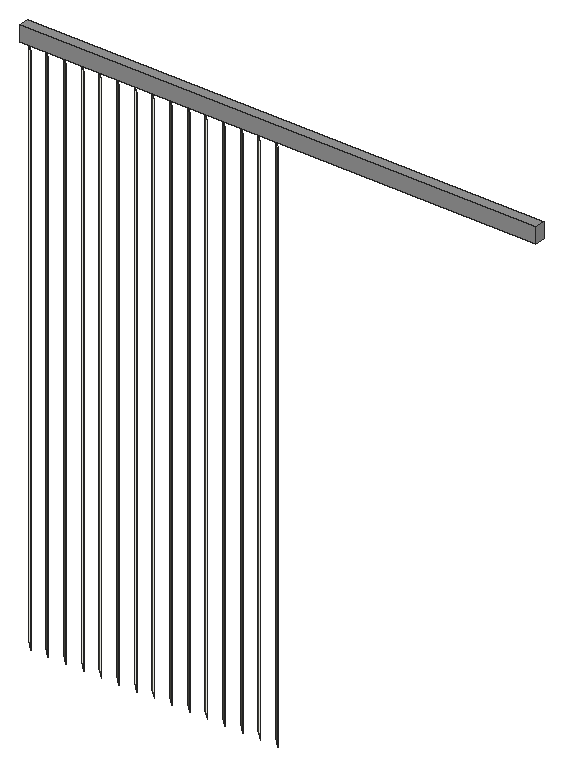
Revit family "Vertical Blinds", category Generic Models, Revit 2013
Parameters (values of type "Type 2")
  Total Rail Length = 8' - 4"
  Total Blind Height = 9' - 0"
  Top of Stripes to Bottom of Rail = 0' - 1"
  Stripes Length = 4' - 0"
  Stripe Material = Fabric - Curtain
  Stripe Angle = 45.00°
  Stripe Depth = 0' - 0 1/8"
  Stripe Width = 0' - 3"
  SLO = if(not(Stripes Length > SLC), Stripes Length, SLC)  # 4' - 0"
  SLC = Total Rail Length - (Stripe Width * cos(Stripe Angle))  # 8' - 1.87868"
  Rail Width = 0' - 2"
  Rail Position = (Stripe Width * sin(Stripe Angle)) / 2  # 0' - 1.06066"
  Rail Material = Steel, Galvanized
  Rail Height = 0' - 3"
  Default Elevation = 4' - 0"
Types (3): name | Total Rail Length | Total Blind Height | Top of Stripes to Bottom of Rail | Stripes Length | Stripe Material | Stripe Depth | Stripe Width | SLO | SLC | Rail Width | Rail Position | Rail Material | Rail Height
  Type 1 | 18' - 2.83792" | 9' - 3" | 0' - 3" | 17' - 10.59528" | none | 0' - 0 1/2" | 0' - 6" | 17' - 10.59528" | 17' - 10.59528" | 0' - 2.06699" | 0' - 2.12132" | none | 0' - 5.26717"
  Type 2 | 8' - 4" | 9' - 0" | 0' - 1" | 4' - 0" | Fabric - Curtain | 0' - 0 1/8" | 0' - 3" | 4' - 0" | 8' - 1.87868" | 0' - 2" | 0' - 1.06066" | Steel, Galvanized | 0' - 3"
  Type 3 | 10' - 11" | 7' - 5" | 0' - 1" | 4' - 0" | Fabric - Curtain | 0' - 0 1/8" | 0' - 3" | 4' - 0" | 10' - 8.87868" | 0' - 2" | 0' - 1.06066" | Steel, Galvanized | 0' - 3"
Reference planes (in)
  plane 1 "Center (Front/Back)": y = 0
  plane 2: z = 0
  plane 3 "Center (Left/Right)": x = 0
  plane 4 "Rail Axis": y = 1.06066
  plane 5 "Stripes Height": z = 104
  plane 6 "Base of Rail": z = 105
  plane 7 "Rail Total Length": x = -100
  plane 8 "Riling Height": z = 108
Forms (in)
  Extrusion 1, solid, material "Fabric - Curtain" <- "Stripe Material"
    sketch origin (0, 0, 0) x (1, 0, 0) y (0, 1, 0)
      loop
        line (-51.91161, 2.20971) -> (-52, 2.12132) -> (-49.87868, 0) -> (-49.79029, 0.08839) -> (-51.91161, 2.20971)
    from 0 to 104
  Extrusion 2, solid, material "Steel, Galvanized" <- "Rail Material"
    sketch origin (0, 0, 105) x (0, -1, 0) y (1, 0, 0)
      loop
        line (-2.06066, 0) -> (-2.06066, -100) -> (-0.06066, -100) -> (-0.06066, 0) -> (-2.06066, 0)
    from 0 to 3
  Extrusion 3, solid, material "Fabric - Curtain" <- "Stripe Material"
    sketch origin (-11.5, 0, 0) x (1, 0, 0) y (0, 1, 0)
      loop
        line (-43.84018, 2.20971) -> (-43.92857, 2.12132) -> (-41.80725, 0) -> (-41.71886, 0.08839) -> (-43.84018, 2.20971)
    from 0 to 104
  Extrusion 4, solid, material "Fabric - Curtain" <- "Stripe Material"
    sketch origin (-23, 0, 0) x (1, 0, 0) y (0, 1, 0)
      loop
        line (-35.76875, 2.20971) -> (-35.85714, 2.12132) -> (-33.73582, 0) -> (-33.64743, 0.08839) -> (-35.76875, 2.20971)
    from 0 to 104
  Extrusion 5, solid, material "Fabric - Curtain" <- "Stripe Material"
    sketch origin (-34.5, 0, 0) x (1, 0, 0) y (0, 1, 0)
      loop
        line (-27.69733, 2.20971) -> (-27.78571, 2.12132) -> (-25.66439, 0) -> (-25.57601, 0.08839) -> (-27.69733, 2.20971)
    from 0 to 104
  Extrusion 6, solid, material "Fabric - Curtain" <- "Stripe Material"
    sketch origin (-57.5, 0, 0) x (1, 0, 0) y (0, 1, 0)
      loop
        line (-11.55447, 2.20971) -> (-11.64286, 2.12132) -> (-9.52154, 0) -> (-9.43315, 0.08839) -> (-11.55447, 2.20971)
    from 0 to 104
  Extrusion 7, solid, material "Fabric - Curtain" <- "Stripe Material"
    sketch origin (-69, 0, 0) x (1, 0, 0) y (0, 1, 0)
      loop
        line (-3.48304, 2.20971) -> (-3.57143, 2.12132) -> (-1.45011, 0) -> (-1.36172, 0.08839) -> (-3.48304, 2.20971)
    from 0 to 104
  Extrusion 8, solid, material "Fabric - Curtain" <- "Stripe Material"
    sketch origin (-80.5, 0, 0) x (1, 0, 0) y (0, 1, 0)
      loop
        line (4.58839, 2.20971) -> (4.5, 2.12132) -> (6.62132, 0) -> (6.70971, 0.08839) -> (4.58839, 2.20971)
    from 0 to 104
  Extrusion 9, solid, material "Fabric - Curtain" <- "Stripe Material"
    sketch origin (-92, 0, 0) x (1, 0, 0) y (0, 1, 0)
      loop
        line (12.65982, 2.20971) -> (12.57143, 2.12132) -> (14.69275, 0) -> (14.78114, 0.08839) -> (12.65982, 2.20971)
    from 0 to 104
  Extrusion 10, solid, material "Fabric - Curtain" <- "Stripe Material"
    sketch origin (-46, 0, 0) x (1, 0, 0) y (0, 1, 0)
      loop
        line (-19.6259, 2.20971) -> (-19.71429, 2.12132) -> (-17.59297, 0) -> (-17.50458, 0.08839) -> (-19.6259, 2.20971)
    from 0 to 104
  Extrusion 11, solid, material "Fabric - Curtain" <- "Stripe Material"
    sketch origin (-103.5, 0, 0) x (1, 0, 0) y (0, 1, 0)
      loop
        line (20.73125, 2.20971) -> (20.64286, 2.12132) -> (22.76418, 0) -> (22.85257, 0.08839) -> (20.73125, 2.20971)
    from 0 to 104
  Extrusion 12, solid, material "Fabric - Curtain" <- "Stripe Material"
    sketch origin (-115, 0, 0) x (1, 0, 0) y (0, 1, 0)
      loop
        line (28.80267, 2.20971) -> (28.71429, 2.12132) -> (30.83561, 0) -> (30.92399, 0.08839) -> (28.80267, 2.20971)
    from 0 to 104
  Extrusion 13, solid, material "Fabric - Curtain" <- "Stripe Material"
    sketch origin (-126.5, 0, 0) x (1, 0, 0) y (0, 1, 0)
      loop
        line (36.8741, 2.20971) -> (36.78571, 2.12132) -> (38.90703, 0) -> (38.99542, 0.08839) -> (36.8741, 2.20971)
    from 0 to 104
  Extrusion 14, solid, material "Fabric - Curtain" <- "Stripe Material"
    sketch origin (-138, 0, 0) x (1, 0, 0) y (0, 1, 0)
      loop
        line (44.94553, 2.20971) -> (44.85714, 2.12132) -> (46.97846, 0) -> (47.06685, 0.08839) -> (44.94553, 2.20971)
    from 0 to 104
  Extrusion 15, solid, material "Fabric - Curtain" <- "Stripe Material"
    sketch origin (-149.5, 0, 0) x (1, 0, 0) y (0, 1, 0)
      loop
        line (53.01696, 2.20971) -> (52.92857, 2.12132) -> (55.04989, 0) -> (55.13828, 0.08839) -> (53.01696, 2.20971)
    from 0 to 104
  Extrusion 16, solid, material "Fabric - Curtain" <- "Stripe Material"
    sketch origin (-161, 0, 0) x (1, 0, 0) y (0, 1, 0)
      loop
        line (61.08839, 2.20971) -> (61, 2.12132) -> (63.12132, 0) -> (63.20971, 0.08839) -> (61.08839, 2.20971)
    from 0 to 104
Lines and regions (in)
  reference lines
    curve 1: line (-49.87868, 0, 0) -> (-52, 2.12132, 0)
    curve 2: line (-52, 2.12132, 0) -> (-51.91161, 2.20971, 0)
    curve 3: line (-51.91161, 2.20971, 0) -> (-49.79029, 0.08839, 0)
    curve 4: line (-49.79029, 0.08839, 0) -> (-49.87868, 0, 0)
    curve 9: line (0, 0.06066, 105) -> (-100, 0.06066, 105)
    curve 10: line (0, 2.06066, 105) -> (-100, 2.06066, 105)
    curve 11: line (-100, 0.06066, 105) -> (-100, 2.06066, 105)
    curve 12: line (0, 2.06066, 105) -> (0, 0.06066, 105)
    curve 17: line (-53.30725, 0, 0) -> (-55.42857, 2.12132, 0)
    curve 18: line (-55.42857, 2.12132, 0) -> (-55.34018, 2.20971, 0)
    curve 19: line (-55.34018, 2.20971, 0) -> (-53.21886, 0.08839, 0)
    curve 20: line (-53.21886, 0.08839, 0) -> (-53.30725, 0, 0)
    curve 25: line (-56.73582, 0, 0) -> (-58.85714, 2.12132, 0)
    curve 26: line (-58.85714, 2.12132, 0) -> (-58.76875, 2.20971, 0)
    curve 27: line (-58.76875, 2.20971, 0) -> (-56.64743, 0.08839, 0)
    curve 28: line (-56.64743, 0.08839, 0) -> (-56.73582, 0, 0)
    curve 33: line (-60.16439, 0, 0) -> (-62.28571, 2.12132, 0)
    curve 34: line (-62.28571, 2.12132, 0) -> (-62.19733, 2.20971, 0)
    curve 35: line (-62.19733, 2.20971, 0) -> (-60.07601, 0.08839, 0)
    curve 36: line (-60.07601, 0.08839, 0) -> (-60.16439, 0, 0)
    curve 41: line (-67.02154, 0, 0) -> (-69.14286, 2.12132, 0)
    curve 42: line (-69.14286, 2.12132, 0) -> (-69.05447, 2.20971, 0)
    curve 43: line (-69.05447, 2.20971, 0) -> (-66.93315, 0.08839, 0)
    curve 44: line (-66.93315, 0.08839, 0) -> (-67.02154, 0, 0)
    curve 49: line (-70.45011, 0, 0) -> (-72.57143, 2.12132, 0)
    curve 50: line (-72.57143, 2.12132, 0) -> (-72.48304, 2.20971, 0)
    curve 51: line (-72.48304, 2.20971, 0) -> (-70.36172, 0.08839, 0)
    curve 52: line (-70.36172, 0.08839, 0) -> (-70.45011, 0, 0)
    curve 57: line (-73.87868, 0, 0) -> (-76, 2.12132, 0)
    curve 58: line (-76, 2.12132, 0) -> (-75.91161, 2.20971, 0)
    curve 59: line (-75.91161, 2.20971, 0) -> (-73.79029, 0.08839, 0)
    curve 60: line (-73.79029, 0.08839, 0) -> (-73.87868, 0, 0)
    curve 65: line (-77.30725, 0, 0) -> (-79.42857, 2.12132, 0)
    curve 66: line (-79.42857, 2.12132, 0) -> (-79.34018, 2.20971, 0)
    curve 67: line (-79.34018, 2.20971, 0) -> (-77.21886, 0.08839, 0)
    curve 68: line (-77.21886, 0.08839, 0) -> (-77.30725, 0, 0)
    curve 73: line (-63.59297, 0, 0) -> (-65.71429, 2.12132, 0)
    curve 74: line (-65.71429, 2.12132, 0) -> (-65.6259, 2.20971, 0)
    curve 75: line (-65.6259, 2.20971, 0) -> (-63.50458, 0.08839, 0)
    curve 76: line (-63.50458, 0.08839, 0) -> (-63.59297, 0, 0)
    curve 81: line (-80.73582, 0, 0) -> (-82.85714, 2.12132, 0)
    curve 82: line (-82.85714, 2.12132, 0) -> (-82.76875, 2.20971, 0)
    curve 83: line (-82.76875, 2.20971, 0) -> (-80.64743, 0.08839, 0)
    curve 84: line (-80.64743, 0.08839, 0) -> (-80.73582, 0, 0)
    curve 89: line (-84.16439, 0, 0) -> (-86.28571, 2.12132, 0)
    curve 90: line (-86.28571, 2.12132, 0) -> (-86.19733, 2.20971, 0)
    curve 91: line (-86.19733, 2.20971, 0) -> (-84.07601, 0.08839, 0)
    curve 92: line (-84.07601, 0.08839, 0) -> (-84.16439, 0, 0)
    curve 97: line (-87.59297, 0, 0) -> (-89.71429, 2.12132, 0)
    curve 98: line (-89.71429, 2.12132, 0) -> (-89.6259, 2.20971, 0)
    curve 99: line (-89.6259, 2.20971, 0) -> (-87.50458, 0.08839, 0)
    curve 100: line (-87.50458, 0.08839, 0) -> (-87.59297, 0, 0)
    curve 105: line (-91.02154, 0, 0) -> (-93.14286, 2.12132, 0)
    curve 106: line (-93.14286, 2.12132, 0) -> (-93.05447, 2.20971, 0)
    curve 107: line (-93.05447, 2.20971, 0) -> (-90.93315, 0.08839, 0)
    curve 108: line (-90.93315, 0.08839, 0) -> (-91.02154, 0, 0)
    curve 113: line (-94.45011, 0, 0) -> (-96.57143, 2.12132, 0)
    curve 114: line (-96.57143, 2.12132, 0) -> (-96.48304, 2.20971, 0)
    curve 115: line (-96.48304, 2.20971, 0) -> (-94.36172, 0.08839, 0)
    curve 116: line (-94.36172, 0.08839, 0) -> (-94.45011, 0, 0)
    curve 121: line (-97.87868, 0, 0) -> (-100, 2.12132, 0)
    curve 122: line (-100, 2.12132, 0) -> (-99.91161, 2.20971, 0)
    curve 123: line (-99.91161, 2.20971, 0) -> (-97.79029, 0.08839, 0)
    curve 124: line (-97.79029, 0.08839, 0) -> (-97.87868, 0, 0)
  model lines, not visible
    curve 5: line (-51.91161, 2.20971, 0) -> (-49.79029, 0.08839, 0)
    curve 6: line (-49.79029, 0.08839, 0) -> (-49.87868, 0, 0)
    curve 7: line (-49.87868, 0, 0) -> (-52, 2.12132, 0)
    curve 8: line (-52, 2.12132, 0) -> (-51.91161, 2.20971, 0)
    curve 21: line (-55.34018, 2.20971, 0) -> (-53.21886, 0.08839, 0)
    curve 22: line (-53.21886, 0.08839, 0) -> (-53.30725, 0, 0)
    curve 23: line (-53.30725, 0, 0) -> (-55.42857, 2.12132, 0)
    curve 24: line (-55.42857, 2.12132, 0) -> (-55.34018, 2.20971, 0)
    curve 29: line (-58.76875, 2.20971, 0) -> (-56.64743, 0.08839, 0)
    curve 30: line (-56.64743, 0.08839, 0) -> (-56.73582, 0, 0)
    curve 31: line (-56.73582, 0, 0) -> (-58.85714, 2.12132, 0)
    curve 32: line (-58.85714, 2.12132, 0) -> (-58.76875, 2.20971, 0)
    curve 37: line (-62.19733, 2.20971, 0) -> (-60.07601, 0.08839, 0)
    curve 38: line (-60.07601, 0.08839, 0) -> (-60.16439, 0, 0)
    curve 39: line (-60.16439, 0, 0) -> (-62.28571, 2.12132, 0)
    curve 40: line (-62.28571, 2.12132, 0) -> (-62.19733, 2.20971, 0)
    curve 45: line (-69.05447, 2.20971, 0) -> (-66.93315, 0.08839, 0)
    curve 46: line (-66.93315, 0.08839, 0) -> (-67.02154, 0, 0)
    curve 47: line (-67.02154, 0, 0) -> (-69.14286, 2.12132, 0)
    curve 48: line (-69.14286, 2.12132, 0) -> (-69.05447, 2.20971, 0)
    curve 53: line (-72.48304, 2.20971, 0) -> (-70.36172, 0.08839, 0)
    curve 54: line (-70.36172, 0.08839, 0) -> (-70.45011, 0, 0)
    curve 55: line (-70.45011, 0, 0) -> (-72.57143, 2.12132, 0)
    curve 56: line (-72.57143, 2.12132, 0) -> (-72.48304, 2.20971, 0)
    curve 61: line (-75.91161, 2.20971, 0) -> (-73.79029, 0.08839, 0)
    curve 62: line (-73.79029, 0.08839, 0) -> (-73.87868, 0, 0)
    curve 63: line (-73.87868, 0, 0) -> (-76, 2.12132, 0)
    curve 64: line (-76, 2.12132, 0) -> (-75.91161, 2.20971, 0)
    curve 69: line (-79.34018, 2.20971, 0) -> (-77.21886, 0.08839, 0)
    curve 70: line (-77.21886, 0.08839, 0) -> (-77.30725, 0, 0)
    curve 71: line (-77.30725, 0, 0) -> (-79.42857, 2.12132, 0)
    curve 72: line (-79.42857, 2.12132, 0) -> (-79.34018, 2.20971, 0)
    curve 77: line (-65.6259, 2.20971, 0) -> (-63.50458, 0.08839, 0)
    curve 78: line (-63.50458, 0.08839, 0) -> (-63.59297, 0, 0)
    curve 79: line (-63.59297, 0, 0) -> (-65.71429, 2.12132, 0)
    curve 80: line (-65.71429, 2.12132, 0) -> (-65.6259, 2.20971, 0)
    curve 85: line (-82.76875, 2.20971, 0) -> (-80.64743, 0.08839, 0)
    curve 86: line (-80.64743, 0.08839, 0) -> (-80.73582, 0, 0)
    curve 87: line (-80.73582, 0, 0) -> (-82.85714, 2.12132, 0)
    curve 88: line (-82.85714, 2.12132, 0) -> (-82.76875, 2.20971, 0)
    curve 93: line (-86.19733, 2.20971, 0) -> (-84.07601, 0.08839, 0)
    curve 94: line (-84.07601, 0.08839, 0) -> (-84.16439, 0, 0)
    curve 95: line (-84.16439, 0, 0) -> (-86.28571, 2.12132, 0)
    curve 96: line (-86.28571, 2.12132, 0) -> (-86.19733, 2.20971, 0)
    curve 101: line (-89.6259, 2.20971, 0) -> (-87.50458, 0.08839, 0)
    curve 102: line (-87.50458, 0.08839, 0) -> (-87.59297, 0, 0)
    curve 103: line (-87.59297, 0, 0) -> (-89.71429, 2.12132, 0)
    curve 104: line (-89.71429, 2.12132, 0) -> (-89.6259, 2.20971, 0)
    curve 109: line (-93.05447, 2.20971, 0) -> (-90.93315, 0.08839, 0)
    curve 110: line (-90.93315, 0.08839, 0) -> (-91.02154, 0, 0)
    curve 111: line (-91.02154, 0, 0) -> (-93.14286, 2.12132, 0)
    curve 112: line (-93.14286, 2.12132, 0) -> (-93.05447, 2.20971, 0)
    curve 117: line (-96.48304, 2.20971, 0) -> (-94.36172, 0.08839, 0)
    curve 118: line (-94.36172, 0.08839, 0) -> (-94.45011, 0, 0)
    curve 119: line (-94.45011, 0, 0) -> (-96.57143, 2.12132, 0)
    curve 120: line (-96.57143, 2.12132, 0) -> (-96.48304, 2.20971, 0)
    curve 125: line (-99.91161, 2.20971, 0) -> (-97.79029, 0.08839, 0)
    curve 126: line (-97.79029, 0.08839, 0) -> (-97.87868, 0, 0)
    curve 127: line (-97.87868, 0, 0) -> (-100, 2.12132, 0)
    curve 128: line (-100, 2.12132, 0) -> (-99.91161, 2.20971, 0)
  model lines
    curve 13: line (0, 2.06066, 105) -> (-100, 2.06066, 105)
    curve 14: line (0, 0.06066, 105) -> (-100, 0.06066, 105)
    curve 15: line (0, 2.06066, 105) -> (0, 0.06066, 105)
    curve 16: line (-100, 0.06066, 105) -> (-100, 2.06066, 105)
Dimensions and locks (in)
  "Stripe Width": curve 4 to curve 2
  "Stripe Depth": curve 3 to curve 1
  "Top of Stripes to Bottom of Rail": plane 6 "Base of Rail" to plane 5 "Stripes Height"
  equal spacing: curve 10, plane 4 "Rail Axis", curve 9
  "Rail Width": curve 14 to curve 13
  "Rail Width": curve 10 to curve 9
  "Stripe Width": curve 20 to curve 18
  "Stripe Depth": curve 19 to curve 17
  "Stripe Width": curve 28 to curve 26
  "Stripe Depth": curve 27 to curve 25
  "Stripe Width": curve 36 to curve 34
  "Stripe Depth": curve 35 to curve 33
  "Stripe Width": curve 44 to curve 42
  "Stripe Depth": curve 43 to curve 41
  "Stripe Width": curve 52 to curve 50
  "Stripe Depth": curve 51 to curve 49
  "Stripe Width": curve 60 to curve 58
  "Stripe Depth": curve 59 to curve 57
  "Stripe Width": curve 68 to curve 66
  "Stripe Depth": curve 67 to curve 65
  "Stripe Width": curve 76 to curve 74
  "Stripe Depth": curve 75 to curve 73
  "Stripe Width": curve 84 to curve 82
  "Stripe Depth": curve 83 to curve 81
  "Stripe Width": curve 92 to curve 90
  "Stripe Depth": curve 91 to curve 89
  "Stripe Width": curve 100 to curve 98
  "Stripe Depth": curve 99 to curve 97
  "Stripe Width": curve 108 to curve 106
  "Stripe Depth": curve 107 to curve 105
  "Stripe Width": curve 116 to curve 114
  "Stripe Depth": curve 115 to curve 113
  "Stripe Width": curve 124 to curve 122
  "Stripe Depth": curve 123 to curve 121
  equal spacing: curve 4, curve 20, curve 28, curve 36, curve 73, curve 41, curve 52, curve 60, curve 68, curve 84, curve 92, curve 100, curve 108, curve 116, curve 124
  "SLO": curve 4 to curve 121
  "Total Rail Length": plane 3 "Center (Left/Right)" to plane 7 "Rail Total Length"
  "Rail Height": plane 8 "Riling Height" to plane 6 "Base of Rail"
  "Total Blind Height": plane 8 "Riling Height" to level
  "Rail Position": plane 4 "Rail Axis" to plane 1 "Center (Front/Back)"
  "Stripe Angle": angle curve 1 to plane 1 "Center (Front/Back)"
  "Stripe Angle": angle curve 17 to plane 1 "Center (Front/Back)"
  "Stripe Angle": angle curve 25 to plane 1 "Center (Front/Back)"
  "Stripe Angle": angle curve 33 to plane 1 "Center (Front/Back)"
  "Stripe Angle": angle curve 41 to plane 1 "Center (Front/Back)"
  "Stripe Angle": angle curve 49 to plane 1 "Center (Front/Back)"
  "Stripe Angle": angle curve 57 to plane 1 "Center (Front/Back)"
  "Stripe Angle": angle curve 65 to plane 1 "Center (Front/Back)"
  "Stripe Angle": angle curve 73 to plane 1 "Center (Front/Back)"
  "Stripe Angle": angle curve 81 to plane 1 "Center (Front/Back)"
  "Stripe Angle": angle curve 89 to plane 1 "Center (Front/Back)"
  "Stripe Angle": angle curve 97 to plane 1 "Center (Front/Back)"
  "Stripe Angle": angle curve 105 to plane 1 "Center (Front/Back)"
  "Stripe Angle": angle curve 113 to plane 1 "Center (Front/Back)"
  "Stripe Angle": angle curve 121 to plane 1 "Center (Front/Back)"
  aligned and locked: plane 2 to level
  aligned and locked: curve 5 to curve 3
  aligned and locked: curve 6 to curve 4
  aligned and locked: curve 7 to curve 1
  aligned and locked: curve 8 to curve 2
  aligned and locked: Extrusion 1 sketch curve to curve 5
  aligned and locked: Extrusion 1 sketch curve to curve 6
  aligned and locked: Extrusion 1 sketch curve to curve 7
  aligned and locked: Extrusion 1 sketch curve to curve 8
  aligned and locked: Extrusion 1 to plane 5 "Stripes Height"
  aligned and locked: curve 14 to curve 9
  aligned and locked: curve 15 to curve 12
  aligned and locked: curve 16 to curve 11
  aligned and locked: Extrusion 2 sketch curve to curve 13
  aligned and locked: Extrusion 2 sketch curve to curve 14
  aligned and locked: Extrusion 2 sketch curve to curve 15
  aligned and locked: Extrusion 2 sketch curve to curve 16
  aligned and locked: curve 21 to curve 19
  aligned and locked: curve 22 to curve 20
  aligned and locked: curve 23 to curve 17
  aligned and locked: curve 24 to curve 18
  aligned and locked: Extrusion 3 sketch curve to curve 21
  aligned and locked: Extrusion 3 sketch curve to curve 22
  aligned and locked: Extrusion 3 sketch curve to curve 23
  aligned and locked: Extrusion 3 sketch curve to curve 24
  aligned and locked: curve 29 to curve 27
  aligned and locked: curve 30 to curve 28
  aligned and locked: curve 31 to curve 25
  aligned and locked: curve 32 to curve 26
  aligned and locked: Extrusion 4 sketch curve to curve 29
  aligned and locked: Extrusion 4 sketch curve to curve 30
  aligned and locked: Extrusion 4 sketch curve to curve 31
  aligned and locked: Extrusion 4 sketch curve to curve 32
  aligned and locked: curve 37 to curve 35
  aligned and locked: curve 38 to curve 36
  aligned and locked: curve 39 to curve 33
  aligned and locked: curve 40 to curve 34
  aligned and locked: Extrusion 5 sketch curve to curve 37
  aligned and locked: Extrusion 5 sketch curve to curve 38
  aligned and locked: Extrusion 5 sketch curve to curve 39
  aligned and locked: Extrusion 5 sketch curve to curve 40
  aligned and locked: curve 45 to curve 43
  aligned and locked: curve 46 to curve 44
  aligned and locked: curve 47 to curve 41
  aligned and locked: curve 48 to curve 42
  aligned and locked: Extrusion 6 sketch curve to curve 45
  aligned and locked: Extrusion 6 sketch curve to curve 46
  aligned and locked: Extrusion 6 sketch curve to curve 47
  aligned and locked: Extrusion 6 sketch curve to curve 48
  aligned and locked: curve 53 to curve 51
  aligned and locked: curve 54 to curve 52
  aligned and locked: curve 55 to curve 49
  aligned and locked: curve 56 to curve 50
  aligned and locked: Extrusion 7 sketch curve to curve 53
  aligned and locked: Extrusion 7 sketch curve to curve 54
  aligned and locked: Extrusion 7 sketch curve to curve 55
  aligned and locked: Extrusion 7 sketch curve to curve 56
  aligned and locked: curve 61 to curve 59
  aligned and locked: curve 62 to curve 60
  aligned and locked: curve 63 to curve 57
  aligned and locked: curve 64 to curve 58
  aligned and locked: Extrusion 8 sketch curve to curve 61
  aligned and locked: Extrusion 8 sketch curve to curve 62
  aligned and locked: Extrusion 8 sketch curve to curve 63
  aligned and locked: Extrusion 8 sketch curve to curve 64
  aligned and locked: curve 69 to curve 67
  aligned and locked: curve 70 to curve 68
  aligned and locked: curve 71 to curve 65
  aligned and locked: curve 72 to curve 66
  aligned and locked: Extrusion 9 sketch curve to curve 69
  aligned and locked: Extrusion 9 sketch curve to curve 70
  aligned and locked: Extrusion 9 sketch curve to curve 71
  aligned and locked: Extrusion 9 sketch curve to curve 72
  aligned and locked: curve 77 to curve 75
  aligned and locked: curve 78 to curve 76
  aligned and locked: curve 79 to curve 73
  aligned and locked: curve 80 to curve 74
  aligned and locked: Extrusion 10 sketch curve to curve 77
  aligned and locked: Extrusion 10 sketch curve to curve 78
  aligned and locked: Extrusion 10 sketch curve to curve 79
  aligned and locked: Extrusion 10 sketch curve to curve 80
  aligned and locked: curve 85 to curve 83
  aligned and locked: curve 86 to curve 84
  aligned and locked: curve 87 to curve 81
  aligned and locked: curve 88 to curve 82
  aligned and locked: Extrusion 11 sketch curve to curve 85
  aligned and locked: Extrusion 11 sketch curve to curve 86
  aligned and locked: Extrusion 11 sketch curve to curve 87
  aligned and locked: Extrusion 11 sketch curve to curve 88
  aligned and locked: curve 93 to curve 91
  aligned and locked: curve 94 to curve 92
  aligned and locked: curve 95 to curve 89
  aligned and locked: curve 96 to curve 90
  aligned and locked: Extrusion 12 sketch curve to curve 93
  aligned and locked: Extrusion 12 sketch curve to curve 94
  aligned and locked: Extrusion 12 sketch curve to curve 95
  aligned and locked: Extrusion 12 sketch curve to curve 96
  aligned and locked: curve 101 to curve 99
  aligned and locked: curve 102 to curve 100
  aligned and locked: curve 103 to curve 97
  aligned and locked: curve 104 to curve 98
  aligned and locked: Extrusion 13 sketch curve to curve 101
  aligned and locked: Extrusion 13 sketch curve to curve 102
  aligned and locked: Extrusion 13 sketch curve to curve 103
  aligned and locked: Extrusion 13 sketch curve to curve 104
  aligned and locked: curve 109 to curve 107
  aligned and locked: curve 110 to curve 108
  aligned and locked: curve 111 to curve 105
  aligned and locked: curve 112 to curve 106
  aligned and locked: Extrusion 14 sketch curve to curve 109
  aligned and locked: Extrusion 14 sketch curve to curve 110
  aligned and locked: Extrusion 14 sketch curve to curve 111
  aligned and locked: Extrusion 14 sketch curve to curve 112
  aligned and locked: curve 117 to curve 115
  aligned and locked: curve 118 to curve 116
  aligned and locked: curve 119 to curve 113
  aligned and locked: curve 120 to curve 114
  aligned and locked: Extrusion 15 sketch curve to curve 117
  aligned and locked: Extrusion 15 sketch curve to curve 118
  aligned and locked: Extrusion 15 sketch curve to curve 119
  aligned and locked: Extrusion 15 sketch curve to curve 120
  aligned and locked: curve 125 to curve 123
  aligned and locked: curve 126 to curve 124
  aligned and locked: curve 127 to curve 121
  aligned and locked: curve 128 to curve 122
  aligned and locked: Extrusion 16 sketch curve to curve 125
  aligned and locked: Extrusion 16 sketch curve to curve 126
  aligned and locked: Extrusion 16 sketch curve to curve 127
  aligned and locked: Extrusion 16 sketch curve to curve 128
  aligned and locked: Extrusion 16 to plane 5 "Stripes Height"
  aligned and locked: Extrusion 15 to plane 5 "Stripes Height"
  aligned and locked: Extrusion 14 to plane 5 "Stripes Height"
  aligned and locked: Extrusion 13 to plane 5 "Stripes Height"
  aligned and locked: Extrusion 12 to plane 5 "Stripes Height"
  aligned and locked: Extrusion 11 to plane 5 "Stripes Height"
  aligned and locked: Extrusion 9 to plane 5 "Stripes Height"
  aligned and locked: Extrusion 8 to plane 5 "Stripes Height"
  aligned and locked: Extrusion 7 to plane 5 "Stripes Height"
  aligned and locked: Extrusion 6 to plane 5 "Stripes Height"
  aligned and locked: Extrusion 10 to plane 5 "Stripes Height"
  aligned and locked: Extrusion 5 to plane 5 "Stripes Height"
  aligned and locked: Extrusion 4 to plane 5 "Stripes Height"
  aligned and locked: Extrusion 3 to plane 5 "Stripes Height"
  aligned and locked: plane 8 "Riling Height" to Extrusion 2
Automatic sketch dimensions
  curve 121 to plane 1 "Center (Front/Back)" = 0' - 0"
  curve 116 to plane 1 "Center (Front/Back)" = 0' - 0"
  curve 121 to plane 7 "Rail Total Length" = 0' - 0"
  curve 92 to plane 1 "Center (Front/Back)" = 0' - 0"
  curve 36 to plane 1 "Center (Front/Back)" = 0' - 0"
  curve 41 to plane 1 "Center (Front/Back)" = 0' - 0"
  curve 97 to plane 1 "Center (Front/Back)" = 0' - 0"
  curve 84 to plane 1 "Center (Front/Back)" = 0' - 0"
  curve 28 to plane 1 "Center (Front/Back)" = 0' - 0"
  curve 49 to plane 1 "Center (Front/Back)" = 0' - 0"
  curve 105 to plane 1 "Center (Front/Back)" = 0' - 0"
  curve 76 to plane 1 "Center (Front/Back)" = 0' - 0"
  plane 1 "Center (Front/Back)" to curve 20 = 0' - 0"
  curve 57 to plane 1 "Center (Front/Back)" = 0' - 0"
  curve 68 to plane 1 "Center (Front/Back)" = 0' - 0"
  plane 1 "Center (Front/Back)" to curve 4 = 0' - 0"
  curve 9 to plane 7 "Rail Total Length" = 0' - 0"
  curve 10 to plane 3 "Center (Left/Right)" = 0' - 0"
